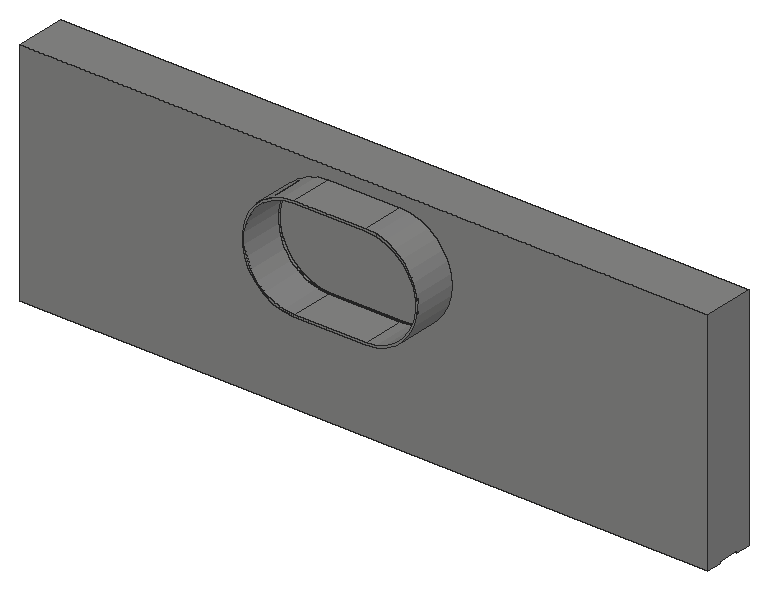
Revit family "Diffuser-Carnes-DASD-w-Center _T-1_Slot", category Duct Accessories, host Face, Revit 2012
Parameters (values of type "See Type Catalog")
  Supply Connector = yes
  Supply Connection = "Diffuser Supply Connector"  # constant formula
  Subcatagory = "Air Distribution"  # constant formula
  Specification Sheet = "http://www.carnes.com/AirDistribution/pdf/18643.pdf"
  Product Page URL = "http://www.carnes.com/AirDistribution/dasd.phtml"
  Half Inlet Width = Inlet Nominal Size Width / 2  # 3"
  Length = 24"
  Duct Width = Inlet Nominal Size Width  # 6"
  Duct Height = Inlet Nominal Size Height D  # 3 1/2"
  Description = "Plenum Slot Diffusers"  # constant formula
  Depth = (Slot Opening A * 2) + 2"  # 3 1/2"
  Height C = 8"
  URL = "http://www.carnes.com/"
  Model = "DASD"  # constant formula
  Unit = Metal - Carnes - Steel Galvanized
  Manufacturer = "CARNES COMPANY"  # constant formula
  Default Elevation = 0"
  Inlet Nominal Size Height D = if(Inlet Nominal Size Width > 6", 5 1/4", 3 1/2")  # 3 1/2"
  Inlet Nominal Size Width = 6"
  Catalog = "http://www.carnes.com/AirDistribution/pdf/a173-205.pdf"
  Assembly Code = ""
  Slot Opening A = 3/4"
  95 CSI = ""
  04 CSI = ""
Reference planes (in)
  plane 1 "Center (Front/Back)": y = 0
  plane 2: z = 0
  plane 3 "Center (Left/Right)": x = 0.94
  plane 4: x = -11.06
  plane 5: x = 12.94
  plane 6: z = 8
  plane 7: z = 7.5
  plane 8: z = 4
  plane 9: x = -10.81
  plane 10: x = 12.69
  plane 11: z = -1.25
Dimensions and locks (in)
  equal spacing: plane 4, plane 3 "Center (Left/Right)", plane 5
  "Length": plane 4 to plane 5
  "Height C": plane 6 to plane 2
  locked: plane 6 to plane 7 at 0.5
  "Inlet Nominal Size Height D": plane 7 to plane 8
  locked: plane 9 to plane 4 at 0.25
  locked: plane 10 to plane 5 at 0.25
  locked: plane 2 to plane 11 at 1.25
  aligned and locked: plane 2 to host face
  aligned and locked: level to host face
  aligned and locked: plane 1 "Center (Front/Back)" to nested 1
  aligned and locked: plane 3 "Center (Left/Right)" to nested 1
Automatic sketch dimensions
  host sketch curve to host sketch curve = 96"  (x2)
Nested families (in)
  nested 1: "Plenum_Slot-Diffuser" at (0, 0, 0), type "Parametric"
Connectors (in)
  hvac at (0.94, -2.375, 5.75), driven by "Duct Height", driven by "Duct Width", driven by "Supply Connector", driven by "Supply Connection"
    settings: on nested 1, index 1, duct flow 0 CFM, flow factor 0, pres drop 0.00 in-wg, loss coef 0, conn angle 0.00°, conn width 6", conn height 3 1/2", conn radius 12", duct sys type 1, conn prof type 2, flow config 0, flow direction 1, loss method 0, conn ref index -1, conn util yes, is conn primary yes, conn desc "Diffuser Supply Connector"
Definition of nested family "Plenum_Slot-Diffuser"
  Parameters (values of type "Parametric")
    Half Inlet Width = Inlet Nominal Size Width / 2  # 3"
    Length = 24"
    Depth = (Slot Opening A * 2) + 2"  # 3 1/2"
    Height C = 8"
    URL = ""
    Model = "DARD"
    Unit = Metal - Carnes - Steel Galvanized
    Manufacturer = ""
    Default Elevation = 0"
    Inlet Nominal Size Height D = if(Inlet Nominal Size Width > 6", 5 1/4", 3 1/2")  # 3 1/2"
    Inlet Nominal Size Width = 6"
    Assembly Code = ""
    Slot Opening A = 3/4"
    95 CSI = ""
    04 CSI = ""
  Reference planes (in)
    plane 1 "Center (Front/Back)": y = 0
    plane 2: z = 0
    plane 3 "Center (Left/Right)": x = 0.94
    plane 4: x = -11.06
    plane 5: x = 12.94
    plane 6: z = 8
    plane 7: z = 7.5
    plane 8: z = 4
    plane 9: x = -10.81
    plane 10: x = 12.69
    plane 11: z = -1.25
  Forms (in)
    Extrusion 1, solid
      sketch origin (0, 0, 0) x (1, 0, 0) y (0, 1, 0)
        loop
          line (-48, 48) -> (-48, -48) -> (48, -48) -> (48, 48) -> (-48, 48)
      from 0 to -1
    Sweep 2, solid, material "Metal - Carnes - Steel Galvanized" <- "Unit"
      path origin (0, 0, 0) x (1, 0, 0) y (0, 1, 0)
        loop
          line (-11.06, 0) -> (12.94, 0)
      profile origin (0.94, 0, 0) x (0, 1, 0) y (0, 0, 1)
        loop
          line (0.875, 8) -> (-0.875, 8) -> (-0.875, 0) -> (-0.375, 0) -> (-0.375, 0.0625) -> (-0.8125, 0.0625) -> (-0.8125, 7.9375) -> (0.8125, 7.9375) -> (0.8125, 0.0625) -> (0.375, 0.0625) -> (0.375, 0) -> (0.875, 0) -> (0.875, 8)
    Extrusion 3, solid, material "Metal - Carnes - Steel Galvanized" <- "Unit"
      sketch origin (-11.06, -0.875, 0) x (1, 0, 0) y (0, 0, 1)
        loop
          arc (10.75, 7.5) -> (9, 5.75) -> (10.75, 4) r 1.75
          line (10.75, 4) -> (13.25, 4)
          arc (13.25, 4) -> (15, 5.75) -> (13.25, 7.5) r 1.75
          line (13.25, 7.5) -> (10.75, 7.5)
        loop
          arc (10.75, 7.5625) -> (8.9375, 5.75) -> (10.75, 3.9375) r 1.8125
          line (10.75, 3.9375) -> (13.25, 3.9375)
          arc (13.25, 3.9375) -> (15.0625, 5.75) -> (13.25, 7.5625) r 1.8125
          line (13.25, 7.5625) -> (10.75, 7.5625)
      from 0 to 1.5
    Extrusion 4, solid, material "Metal - Carnes - Steel Galvanized" <- "Unit"
      sketch origin (12.69, 0, 0) x (0, 0, 1) y (0, -1, 0)
        loop
          line (7.9375, -0.8125) -> (7.9375, 0.8125) -> (0.0625, 0.8125) -> (0.0625, -0.8125) -> (7.9375, -0.8125)
      from 0 to 0.25
    Extrusion 5, solid, material "Metal - Carnes - Steel Galvanized" <- "Unit"
      sketch origin (-10.81, 0, 0) x (0, -1, 0) y (0, 0, 1)
        loop
          line (-0.8125, 7.9375) -> (-0.8125, 0.0625) -> (0.8125, 0.0625) -> (0.8125, 7.9375) -> (-0.8125, 7.9375)
      from 0 to 0.25
    Extrusion 6, void
      sketch origin (0, 0, 0) x (1, 0, 0) y (0, 0, 1)
        loop
          line (-0.31, 4) -> (2.19, 4)
          arc (2.19, 4) -> (3.94, 5.75) -> (2.19, 7.5) r 1.75
          line (2.19, 7.5) -> (-0.31, 7.5)
          arc (-0.31, 7.5) -> (-2.06, 5.75) -> (-0.31, 4) r 1.75
      from 0.5625 to 0.875
    Extrusion 7, void
      sketch origin (0, 0, 0) x (1, 0, 0) y (0, 1, 0)
        loop
          line (-11.06, 0.875) -> (-11.06, -0.875) -> (12.94, -0.875) -> (12.94, 0.875) -> (-11.06, 0.875)
      from -1.25 to 0
  Cuts and joins
    Extrusion 6, Extrusion 7 cuts Sweep 2
    Extrusion 6, Extrusion 7 cuts Extrusion 4
    Extrusion 6, Extrusion 7 cuts Extrusion 5
    joined: Sweep 2, Extrusion 4, Extrusion 5
    Extrusion 6, Extrusion 7 cuts Extrusion 3
  Lines and regions (in)
    symbolic lines, style "Diffuser"
      curve 1: line (12.94, 0.875, 0) -> (-11.06, 0.875, 0)
      curve 2: line (-11.06, -0.875, 0) -> (-11.06, 0.875, 0)
      curve 3: line (-11.06, -0.875, 0) -> (12.94, -0.875, 0)
      curve 4: line (12.94, -0.875, 0) -> (12.94, 0.875, 0)
      curve 5: line (-2.1225, -2.375, 0) -> (4.0025, -2.375, 0)
      curve 6: line (-2.1225, -2.375, 0) -> (-2.1225, -0.875, 0)
      curve 7: line (4.0025, -2.375, 0) -> (4.0025, -0.875, 0)
  Dimensions and locks (in)
    equal spacing: plane 4, plane 3 "Center (Left/Right)", plane 5
    "Length": plane 4 to plane 5
    "Height C": plane 6 to plane 2
    locked: plane 6 to Sweep 2 sketch curve at 0.0625
    locked: Sweep 2 sketch curve to Sweep 2 sketch curve at 0.0625  (x2)
    locked: Sweep 2 sketch curve to plane 2 at 0.0625  (x2)
    locked: Sweep 2 sketch curve to Sweep 2 sketch curve at 0.5  (x2)
    equal spacing: Sweep 2 sketch curve, plane 1 "Center (Front/Back)", Sweep 2 sketch curve
    locked: plane 6 to plane 7 at 0.5
    "Inlet Nominal Size Height D": plane 7 to plane 8
    equal spacing: cut or joined group of Sweep 2, Extrusion 4, Extrusion 5, Extrusion 6, Extrusion 7, plane 1 "Center (Front/Back)", cut or joined group of Sweep 2, Extrusion 4, Extrusion 5, Extrusion 6, Extrusion 7
    cut or joined group of Sweep 2, Extrusion 4, Extrusion 5, Extrusion 6, Extrusion 7 to cut or joined group of Sweep 2, Extrusion 4, Extrusion 5, Extrusion 6, Extrusion 7 = 1 3/4"
    cut or joined group of Sweep 2, Extrusion 4, Extrusion 5, Extrusion 6, Extrusion 7 to cut or joined group of Sweep 2, Extrusion 4, Extrusion 5, Extrusion 6, Extrusion 7 = 1/2"  (x2)
    "Half Inlet Width": Extrusion 3 sketch curve to plane 3 "Center (Left/Right)"
    "Half Inlet Width": plane 3 "Center (Left/Right)" to Extrusion 3 sketch curve
    "Slot Opening A": Sweep 2 sketch curve to Sweep 2 sketch curve
    locked: plane 9 to plane 4 at 0.25
    locked: plane 10 to plane 5 at 0.25
    "Half Inlet Width": plane 3 "Center (Left/Right)" to Extrusion 6 sketch curve
    "Half Inlet Width": Extrusion 6 sketch curve to plane 3 "Center (Left/Right)"
    locked: plane 2 to plane 11 at 1.25
    aligned and locked: plane 2 to Extrusion 1
    aligned and locked: level to Extrusion 1
    aligned and locked: plane 5 to Sweep 2 sketch curve
    aligned and locked: plane 4 to Sweep 2 sketch curve
    aligned and locked: plane 1 "Center (Front/Back)" to Sweep 2 sketch curve
    aligned and locked: plane 6 to Sweep 2 sketch curve
    aligned and locked: plane 2 to Sweep 2 sketch curve
    aligned and locked: Extrusion 3 sketch curve to plane 7
    aligned and locked: plane 8 to Extrusion 3 sketch curve
    aligned and locked: Extrusion 4 sketch curve to cut or joined group of Sweep 2, Extrusion 4, Extrusion 5, Extrusion 6, Extrusion 7  (x2)
    aligned and locked: plane 10 to Extrusion 4
    aligned and locked: Extrusion 4 to plane 5
    aligned and locked: cut or joined group of Sweep 2, Extrusion 4, Extrusion 5, Extrusion 6, Extrusion 7 to Extrusion 5 sketch curve
    aligned and locked: plane 9 to Extrusion 5
    aligned and locked: Extrusion 5 to plane 4
    aligned and locked: Sweep 2 to Extrusion 6
    aligned and locked: Extrusion 7 sketch curve to plane 4
    aligned and locked: Extrusion 7 sketch curve to cut or joined group of Sweep 2, Extrusion 4, Extrusion 5, Extrusion 6, Extrusion 7  (x2)
    aligned and locked: plane 5 to Extrusion 7 sketch curve
    aligned and locked: level to Extrusion 7
    aligned and locked: Extrusion 7 to plane 11
    aligned and locked: curve 1 to cut or joined group of Sweep 2, Extrusion 4, Extrusion 5, Extrusion 6, Extrusion 7
    aligned and locked: curve 2 to cut or joined group of Sweep 2, Extrusion 4, Extrusion 5, Extrusion 6, Extrusion 7
    aligned and locked: curve 3 to cut or joined group of Sweep 2, Extrusion 4, Extrusion 5, Extrusion 6, Extrusion 7
    aligned and locked: curve 4 to cut or joined group of Sweep 2, Extrusion 4, Extrusion 5, Extrusion 6, Extrusion 7
    aligned and locked: curve 5 to cut or joined group of Extrusion 3, Extrusion 6, Extrusion 7
    aligned and locked: cut or joined group of Sweep 2, Extrusion 4, Extrusion 5, Extrusion 6, Extrusion 7 to cut or joined group of Sweep 2, Extrusion 4, Extrusion 5, Extrusion 6, Extrusion 7  (x3)
  Automatic sketch dimensions
    Extrusion 1 sketch curve to Extrusion 1 sketch curve = 96"  (x2)
    Sweep 2 sketch curve to level = 0"
    Extrusion 3 sketch curve to Extrusion 3 sketch curve = 0"  (x3)
    Extrusion 3 sketch curve to Extrusion 3 sketch curve = 1/16"
    Extrusion 6 sketch curve to plane 8 = 0"
    Extrusion 6 sketch curve to plane 7 = 0"
    curve 5 to plane 3 "Center (Left/Right)" = 3 1/16"
    plane 3 "Center (Left/Right)" to curve 7 = 3 1/16"
    curve 6 to curve 6 = 1 1/2"
    Extrusion 4 sketch curve to plane 6 = 1/16"
    plane 1 "Center (Front/Back)" to Extrusion 4 sketch curve = 13/16"
    Extrusion 5 sketch curve to plane 1 "Center (Front/Back)" = 13/16"
    Extrusion 5 sketch curve to plane 6 = 1/16"
    plane 1 "Center (Front/Back)" to Extrusion 5 sketch curve = 13/16"
Types in the file's own list only (24): name | Length | Duct Height | Depth | Height C | Slot Opening A
  DASD 24 x 8 x3/4 | 24" | 4" | 3 1/2" | 8" | 3/4"
  DASD 24 x 11 x3/4 | 24" | 4" | 3 1/2" | 11" | 3/4"
  DASD 24 x 8 x1 | 24" | 4" | 4" | 8" | 1"
  DASD 24 x 11 x1 | 24" | 4" | 4" | 11" | 1"
  DASD 24 x 8 x1.5 | 24" | 4" | 5" | 8" | 1 1/2"
  DASD 24 x 11 x1.5 | 24" | 4" | 5" | 11" | 1 1/2"
  DASD 30 x 8 x3/4 | 30" | 4" | 3 1/2" | 8" | 3/4"
  DASD 30 x 11 x3/4 | 30" | 4" | 3 1/2" | 11" | 3/4"
  DASD 30 x 8 x1 | 30" | 4" | 4" | 8" | 1"
  DASD 30 x 11 x1 | 30" | 4" | 4" | 11" | 1"
  DASD 30 x 8 x1.5 | 30" | 4" | 5" | 8" | 1 1/2"
  DASD 30 x 11 x1.5 | 30" | 4" | 5" | 11" | 1 1/2"
  DASD 48 x 8 x3/4 | 48" | 4" | 3 1/2" | 8" | 3/4"
  DASD 48 x 11 x3/4 | 48" | 4" | 3 1/2" | 11" | 3/4"
  DASD 48 x 8 x1 | 48" | 4" | 4" | 8" | 1"
  DASD 48 x 11 x1 | 48" | 4" | 4" | 11" | 1"
  DASD 48 x 8 x1.5 | 48" | 4" | 5" | 8" | 1 1/2"
  DASD 48 x 11 x1.5 | 48" | 4" | 5" | 11" | 1 1/2"
  DASD 60 x 8 x3/4 | 60" | 4" | 3 1/2" | 8" | 3/4"
  DASD 60 x 11 x3/4 | 60" | 4" | 3 1/2" | 11" | 3/4"
  DASD 60 x 8 x1 | 60" | 4" | 4" | 8" | 1"
  DASD 60 x 11 x1 | 60" | 4" | 4" | 11" | 1"
  DASD 60 x 8 x1.5 | 60" | 4" | 5" | 8" | 1 1/2"
  DASD 60 x 11 x1.5 | 60" | 4" | 5" | 11" | 1 1/2"
